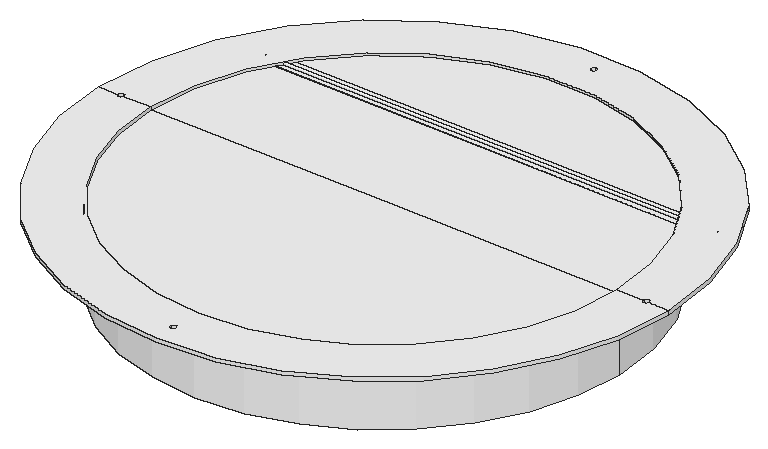
Revit family "R1960", category Generic Models, host Face, Revit 2018
Family settings
  Host = Face
  Can host rebar = No
  Round Connector Dimension = Use Diameter
  Part Type = Normal
  Cut with Voids When Loaded = No
  Shared = No
  Room Calculation Point = No
Parameters (values of type "R1960_15"_Dia")
  URL = "WWW.MIFAB.COM"
  T = 0' - 4"
  Pipe Radius = Pipe Diameter / 2  # 0' - 7 1/2"
  Pipe Diameter = 1' - 3"
  Model = "R1960"
  Manufacturer = "MIFAB"
  Floor Drain Material = Paint - Sherwin Williams Paint - #952C2A - Bellwood Red
  Description = "DOWNSPOUT NOZZLE WITH PERFORATED COVER"
  Default Elevation = 4' - 0"
  C = 1' - 6 1/2"
  B = 1' - 8 1/16"
  A = 1' - 4 5/8"
Types (8): name | T | Pipe Radius | Pipe Diameter | C | B | A
  (no name) | 0' - 4" | 0' - 7 1/2" | 1' - 3" | 1' - 6 1/2" | 1' - 8 1/16" | 1' - 4 5/8"
  R1960_3"_Dia | 0' - 1.31032" | 0' - 1 1/2" | 0' - 3" | 0' - 6" | 0' - 7 3/4" | 0' - 4 1/4"
  R1960_4"_Dia | 0' - 1.31032" | 0' - 2" | 0' - 4" | 0' - 7 1/16" | 0' - 8 3/4" | 0' - 5 1/4"
  R1960_6"_Dia | 0' - 1.31032" | 0' - 3" | 0' - 6" | 0' - 9" | 0' - 10 7/8" | 0' - 7 3/8"
  R1960_8"_Dia | 0' - 1.31032" | 0' - 4" | 0' - 8" | 0' - 11 1/4" | 1' - 0 7/8" | 0' - 9 3/8"
  R1960_10"_Dia | 0' - 3" | 0' - 5" | 0' - 10" | 1' - 1 1/2" | 1' - 3" | 0' - 11 1/2"
  R1960_12"_Dia | 0' - 3" | 0' - 6" | 1' - 0" | 1' - 3 1/2" | 1' - 5" | 1' - 1 1/2"
  R1960_15"_Dia | 0' - 4" | 0' - 7 1/2" | 1' - 3" | 1' - 6 1/2" | 1' - 8 1/16" | 1' - 4 5/8"
Reference planes (in)
  plane 1 "Center (Front/Back)": y = 0
  plane 2: z = 0
  plane 3 "Center (Left/Right)": x = 0
  plane 4: x = -10.03125
  plane 5: x = 10.03125
  plane 6: y = -10.03125
  plane 7: y = 10.03125
  plane 8: y = -8.3125
  plane 9: y = 8.3125
  plane 10: x = -8.3125
  plane 11: x = 8.3125
  plane 12: z = 0.12613
  plane 13: z = -2.5
  plane 14: y = 4.3125
  plane 15: x = 7.5
  plane 16: x = -7.5
  plane 17: y = -9.25
  plane 18: y = 9.25
  plane 19: x = 9.25
  plane 20: x = -9.25
Forms (in)
  Revolve 1, solid, material "Paint - Sherwin Williams Paint - #952C2A - Bellwood Red" <- "Floor Drain Material"
    sketch origin (0, 0, 0) x (1, 0, 0) y (0, 0, 1)
      loop
        line (8.20757, 0) -> (10.03125, 0) -> (10.03125, 0.12613) -> (8.20757, 0.12613) -> (8.20757, 0)
      axis (0, 0.12613) -> (0, 0)
    angle from 0 to 360
  Revolve 2, solid, material "Paint - Sherwin Williams Paint - #952C2A - Bellwood Red" <- "Floor Drain Material"
    sketch origin (0, 0, 0) x (1, 0, 0) y (0, 0, 1)
      loop
        line (8.3125, 0) -> (8.20757, 0) -> (8.20757, -2.39453) -> (7.5, -2.39453) -> (7.5, -2.5) -> (8.3125, -2.5) -> (8.3125, 0)
      axis (0, -2.5) -> (0, 0)
    angle from 0 to 360
  Revolve 3, solid, material "Paint - Sherwin Williams Paint - #952C2A - Bellwood Red" <- "Floor Drain Material"
    sketch origin (0, 0, 0) x (1, 0, 0) y (0, 0, 1)
      loop
        line (0, 0.048) -> (-8.20757, 0.048) -> (-8.20757, 0) -> (0, 0) -> (0, 0.048)
      axis (0, 0) -> (0, 0.048)
    angle from 0 to 360
  Extrusion 4, void
    sketch origin (0, 0, 0) x (1, 0, 0) y (0, 1, 0)
      loop
        circle (0, 9.25) r 0.09903
      loop
        circle (0, -9.25) r 0.09903
      loop
        circle (-9.25, 0) r 0.09903
      loop
        circle (9.25, 0) r 0.09903
    from 0 to 0.12613
  Sweep 5, solid, material "Paint - Sherwin Williams Paint - #952C2A - Bellwood Red" <- "Floor Drain Material"
    path origin (0, 0, 0) x (1, 0, 0) y (0, 1, 0)
      loop
        line (-8.3125, 4.3125) -> (8.3125, 4.3125)
    profile origin (0, 4.3125, 0) x (0, 1, 0) y (0, 0, 1)
      loop
        arc (0.06142, 0.048) -> (0, 0.10942) -> (-0.06142, 0.048) r 0.06142
        line (-0.06142, 0.048) -> (-0.26448, 0.048) -> (-0.26448, 0) -> (0.26448, 0) -> (0.26448, 0.048) -> (0.06142, 0.048)
Cuts and joins
  Extrusion 4 cuts Revolve 1
Dimensions and locks (in)
  equal spacing: plane 4, plane 3 "Center (Left/Right)", plane 5
  "B": plane 4 to plane 5
  equal spacing: plane 7, plane 1 "Center (Front/Back)", plane 6
  "B": plane 7 to plane 6
  equal spacing: plane 10, plane 3 "Center (Left/Right)", plane 11
  "A": plane 10 to plane 11
  equal spacing: plane 9, plane 1 "Center (Front/Back)", plane 8
  "A": plane 8 to plane 9
  locked: plane 12 to plane 2 at 0.12613
  locked: Revolve 2 sketch curve to plane 11 at 0.10493
  locked: plane 11 to Revolve 1 sketch curve at 0.10493
  locked: Revolve 2 to Revolve 3 sketch curve at 0.048
  "T": plane 14 to plane 9
  equal spacing: plane 16, plane 3 "Center (Left/Right)", plane 15
  "Pipe Diameter": plane 16 to plane 15
  locked: Revolve 2 sketch curve to plane 13 at 0.10547
  equal spacing: plane 15, plane 3 "Center (Left/Right)", plane 16
  plane 15 to plane 16 = 1' - 3"
  plane 2 to plane 13 = 0' - 2 1/2"
  "Pipe Radius": plane 3 "Center (Left/Right)" to plane 16
  equal spacing: plane 18, plane 1 "Center (Front/Back)", plane 17
  "C": plane 18 to plane 17
  equal spacing: plane 20, plane 3 "Center (Left/Right)", plane 19
  "C": plane 20 to plane 19
  aligned and locked: plane 2 to host face
  aligned and locked: level to host face
  aligned and locked: Revolve 1 sketch curve to plane 5
  aligned and locked: Revolve 1 to plane 12
  aligned and locked: plane 11 to Revolve 2 sketch curve
  aligned and locked: Revolve 2 sketch curve to plane 2
  aligned and locked: plane 2 to Revolve 3 sketch curve
  aligned and locked: plane 3 "Center (Left/Right)" to Revolve 3 sketch curve  (x2)
  aligned and locked: plane 1 "Center (Front/Back)" to Extrusion 4 sketch curve  (x2)
  aligned and locked: plane 3 "Center (Left/Right)" to Extrusion 4 sketch curve  (x2)
  aligned and locked: Revolve 1 to Extrusion 4
  aligned and locked: Sweep 5 sketch curve to plane 14
  aligned and locked: plane 10 to Sweep 5 sketch curve
  aligned and locked: plane 11 to Sweep 5 sketch curve
  aligned and locked: Revolve 2 sketch curve to plane 13
  aligned and locked: Revolve 2 sketch curve to plane 15
  aligned and locked: plane 17 to Extrusion 4 sketch curve
  aligned and locked: plane 18 to Extrusion 4 sketch curve
  aligned and locked: plane 19 to Extrusion 4 sketch curve
  aligned and locked: Extrusion 4 sketch curve to plane 20
Automatic sketch dimensions
  host sketch curve to host sketch curve = 8' - 0"  (x2)
  Sweep 5 sketch curve to level = 0' - 0"
  Sweep 5 sketch curve to profile plane = 0' - 0"
  profile plane to Sweep 5 sketch curve = 0' - 0.06142"
  Sweep 5 sketch curve to Sweep 5 sketch curve = 0' - 0.20306"  (x2)
  level to Sweep 5 sketch curve = 0' - 0.048"
  Revolve 1 sketch curve to plane 3 "Center (Left/Right)" = 0' - 0"
  Revolve 1 sketch curve to level = 0' - 0"
  Revolve 1 sketch curve to plane 12 = 0' - 0"
  plane 13 to Revolve 1 sketch curve = 0' - 1.07134"
  plane 13 to Revolve 1 sketch curve = 0' - 0.07134"
  Revolve 2 sketch curve to plane 3 "Center (Left/Right)" = 0' - 0"
  plane 12 to Revolve 2 sketch curve = 0' - 0.87387"
  Revolve 2 sketch curve to Revolve 2 sketch curve = 0' - 0.39708"
  plane 10 to Revolve 3 sketch curve = 0' - 0.10493"
  plane 12 to Revolve 3 sketch curve = 0' - 0 139/256"
  Revolve 3 sketch curve to Revolve 3 sketch curve = 0' - 0.44102"
  radius of Extrusion 4 sketch curve = 0' - 0.09903"  (x4)
Connectors (in)
  piping at (0, 0, -2.5), diameter 15, driven by "Pipe Diameter"
    settings: on Revolve 2, index 1, connector inside diameter 609.6 mm, connector length 0' - 0", flow factor 0, pipe flow 0.0 L/s, pressure drop 0.0 Pa, fitting loss kfactor 0, connector angle 0.00°, fixture units 0, engagement length 0' - 0", angle of deflection 0.00°, flow configuration 0, flow direction 0, fitting loss method 0, system type 7, joint type 0, gender type 0, connector reference index -1, connector utility 0, adjustable connector no, is connector primary yes, connector description ""
